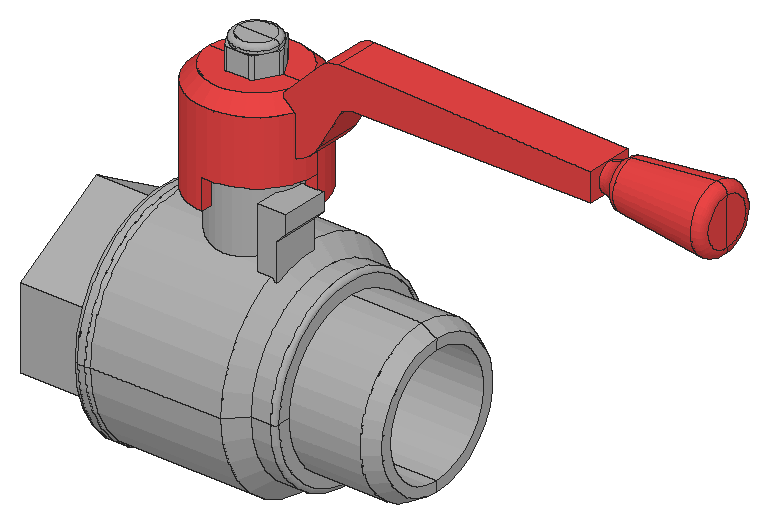
Revit family "QA06100000", category Apparecchi idraulici, Revit 2016
Family settings
  Tipo di parte = Normale
  Quota connettore circolare = Usa diametro
  Numero OmniClass = 23.45.00.00
  Titolo OmniClass = Sanitary, Laundry, and Cleaning Equipment
  Basato su piano di lavoro = No
  Sempre verticale = Sì
  Taglio con vuoti quando caricato = No
  Condiviso = No
  Punto di calcolo locali = No
Parameters
  URL = "https://web.cimberio.it/index.php/figura/163?subcategoria_id=42417"
  DN Model [instance] = QA06101025 : QA06101025
  DN [instance] = 25 mm
Reference planes
  plane 1 "Centro (Fronte/Retro)": y = 0
  plane 2: z = 0
  plane 3 "Centro (Sinistra/Destra)": x = 0
Dimensions and locks
  aligned and locked: level to plane 2
Nested families
  nested 1: "QA06101025" at (0, 0, 0), type <- "DN Model", type "QA06101025"
  nested 2: "QA06101025" at (0, 0, 0), type <- "DN Model", type "QA06101025"
  nested 3: "QA06101025" at (0, 0, 0), type <- "DN Model", type "QA06101025"
  nested 4: "QA06101025" at (0, 0, 0), type <- "DN Model", type "QA06101025"
  nested 5: "QA06101025" at (0, 0, 0), type <- "DN Model", type "QA06101025"
  nested 6: "QA06101025" at (0, 0, 0), type <- "DN Model", type "QA06101025"
  nested 7: "QA06101025" at (0, 0, 0), type <- "DN Model", type "QA06101025"
  nested 8: "QA06101025" at (0, 0, 0), type <- "DN Model", type "QA06101025"
  nested 9: "QA06101025" at (0, 0, 0), type <- "DN Model", type "QA06101025"
  nested 10: "QA06101025" at (0, 0, 0), type <- "DN Model", type "QA06101025"
  nested 11: "QA06101025" at (0, 0, 0), type <- "DN Model", type "QA06101025"
Connectors
  piping at (38.5, 0, 0), diameter 25, driven by "DN"
    settings: on nested 1, index 1, connector inside diameter 609.6 mm, connector length 0 mm, flow factor 0, pipe flow 0.0 L/s, pressure drop 0.0 Pa, fitting loss kfactor 0, connector angle 0.00°, fixture units 0, engagement length 0 mm, angle of deflection 0.00°, flow configuration 0, flow direction 0, fitting loss method 0, system type 7, joint type 0, gender type 0, connector reference index -1, connector utility 0, adjustable connector no, is connector primary yes, connector description ""
  piping at (-34.1, -0.005, 0), diameter 25, driven by "DN"
    settings: on nested 1, index 2, connector inside diameter 609.6 mm, connector length 0 mm, flow factor 0, pipe flow 0.0 L/s, pressure drop 0.0 Pa, fitting loss kfactor 0, connector angle 0.00°, fixture units 0, engagement length 0 mm, angle of deflection 0.00°, flow configuration 0, flow direction 0, fitting loss method 0, system type 7, joint type 0, gender type 0, connector reference index -1, connector utility 0, adjustable connector no, is connector primary no, connector description ""
Definition of nested family "QA06101025"
  Reference planes
    plane 1 "Centro (Fronte/Retro)": y = 0
    plane 2: z = 0
    plane 3 "Centro (Sinistra/Destra)": x = 0
  Forms (mm)
    Revolve 1, solid
      sketch origin (0, 0, 0) x (0, 1, 0) y (-1, 0, 0)
        loop
          line (9.248, 20.1) -> (9.248, -20) -> (18.999, -20)
          arc (18.999, -20) -> (19.707, -19.707) -> (20, -18.999) r 1
          line (20, -18.999) -> (20, -14.75) -> (23.5, -11.25) -> (23.5, 16.667) -> (23.75, 17.6) -> (23.75, 19.1)
          arc (23.75, 19.1) -> (23.457, 19.807) -> (22.749, 20.1) r 1
          line (22.749, 20.1) -> (9.248, 20.1)
        axis (0, 20.1) -> (0, -20)
      angle from 0 to 360
    Revolve 2, solid
      sketch origin (0, 0, 0) x (1, 0, 0) y (0, 0, 1)
        loop
          line (0, 53.545) -> (-10, 53.545) -> (-13, 50.545) -> (-13, 30.56) -> (-10.467, 30.56) -> (-10.467, 45.453) -> (0, 45.453) -> (0, 53.545)
        axis (0, 30.56) -> (0, 53.545)
      angle from 0 to 360
    Extrusion 3, solid
      sketch origin (-16, 0, 0) x (0, 0, 1) y (0, 1, 0)
        loop
          circle (0, 0) r 12.5
        loop
          line (20.25, 0) -> (8.568, 20.234) -> (-8.568, 20.234) -> (-20.25, 0) -> (-8.559, -20.25) -> (8.559, -20.25) -> (20.25, 0)
      from 4.1 to 18.1
    Revolve 4, solid
      sketch origin (0, 0, 0) x (1, 0, 0) y (0, 0, 1)
        loop
          line (19.683, 12.5) -> (38.5, 12.5) -> (38.5, 14.627) -> (35.3, 16.475) -> (19.683, 16.475) -> (19.683, 12.5)
        axis (38.5, 0) -> (19.683, 0)
      angle from 0 to 360
    Revolve 5, solid
      sketch origin (0.312, 0, 0) x (1, 0, 0) y (0, 0, 1)
        loop
          line (0, 42.985) -> (-9.212, 42.985) -> (-9.212, 21.195) -> (0, 21.195) -> (0, 42.985)
        axis (0, 21.195) -> (0, 42.985)
      angle from 0 to 360
    Extrusion 6, void
      sketch origin (0, 0, 58.3) x (-1, 0, 0) y (0, 1, 0)
        loop
          arc (-17.996, 0) -> (-15.339, -16.611) -> (1.35, -18.723) r 14.025
          line (1.35, -18.723) -> (1.35, -10.379)
          arc (1.35, -10.379) -> (-6.907, -7.864) -> (-10.467, 0) r 10.467
          line (-10.467, 0) -> (-17.996, 0)
      from 21.316 to 31.018
    Extrusion 7, solid
      sketch origin (0, 0, 0) x (1, 0, 0) y (0, 0, 1)
        loop
          line (14.25, 34.045) -> (8.391, 34.045) -> (8.391, 20.448) -> (12.244, 20.448) -> (12.244, 28.24) -> (14.25, 30.245) -> (14.25, 34.045)
      from 0 to 10
    Revolve 8, solid
      sketch origin (0, 0, 0) x (1, 0, 0) y (0, 0, 1)
        loop
          line (0, 59.545) -> (0, 56.737) -> (4.766, 56.737) -> (4.766, 58.545)
          arc (4.766, 58.545) -> (4.473, 59.253) -> (3.766, 59.545) r 1
          line (3.766, 59.545) -> (0, 59.545)
        axis (0, 59.545) -> (0, 56.737)
      angle from 0 to 360
    Extrusion 9, solid
      sketch origin (0, 0, 0) x (1, 0, 0) y (0, 0, 1)
        loop
          line (17.73, 61.525) -> (9.739, 53.534) -> (9.739, 41.696)
          arc (9.739, 41.696) -> (14.015, 42.633) -> (17.157, 45.681) r 8
          line (17.157, 45.681) -> (21.849, 53.808)
          arc (21.849, 53.808) -> (22.754, 54.718) -> (23.991, 55.059) r 2.5
          line (23.991, 55.059) -> (75.25, 55.545) -> (75.25, 61.545) -> (21.399, 62.988)
          arc (21.399, 62.988) -> (19.414, 62.634) -> (17.73, 61.525) r 5
      from -4.736 to 4.935
    Revolve 10, solid
      sketch origin (0, 0, 0) x (1, 0, 0) y (0, 0, 1)
        loop
          line (100.25, 58.545) -> (100.25, 63.557)
          arc (100.25, 63.557) -> (99.587, 65.044) -> (98.038, 65.545) r 2
          line (98.038, 65.545) -> (80.026, 63.628)
          arc (80.026, 63.628) -> (79.275, 63.396) -> (78.667, 62.897) r 2.041
          arc (78.667, 62.897) -> (77.091, 61.886) -> (75.25, 61.545) r 4.86
          line (75.25, 61.545) -> (75.25, 58.545) -> (100.25, 58.545)
        axis (75.25, 58.545) -> (100.25, 58.545)
      angle from 0 to 360
    Extrusion 11, solid
      sketch origin (0, 0, 58.3) x (0, 1, 0) y (-1, 0, 0)
        loop
          line (-0.518, 5.475) -> (-4.509, 3.171)
          arc (-4.509, 3.171) -> (-4.869, 2.811) -> (-5.001, 2.32) r 0.983
          line (-5.001, 2.32) -> (-5.001, -2.286)
          arc (-5.001, -2.286) -> (-4.861, -2.807) -> (-4.48, -3.187) r 1.04
          line (-4.48, -3.187) -> (-0.515, -5.477)
          arc (-0.515, -5.477) -> (0, -5.615) -> (0.515, -5.477) r 1.03
          line (0.515, -5.477) -> (4.499, -3.177)
          arc (4.499, -3.177) -> (4.866, -2.809) -> (5.001, -2.307) r 1.004
          line (5.001, -2.307) -> (5.001, 2.325)
          arc (5.001, 2.325) -> (4.87, 2.812) -> (4.514, 3.168) r 0.974
          line (4.514, 3.168) -> (0.518, 5.475)
          arc (0.518, 5.475) -> (0, 5.614) -> (-0.518, 5.475) r 1.036
      from -4.755 to -0.255
  Cuts and joins
    Extrusion 6 cuts Revolve 2
  Dimensions and locks
    aligned and locked: level to plane 2
